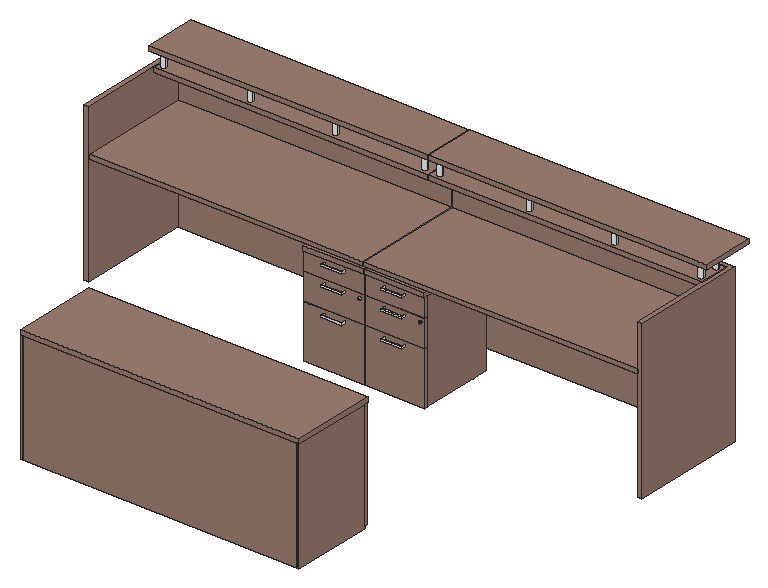
Revit family "T100010", category Furniture, Revit 2018
Family settings
  OmniClass Number = 23.40.20.00
  OmniClass Title = General Furniture and Specialties
  Work Plane-Based = No
  Always vertical = Yes
  Cut with Voids When Loaded = No
  Shared = No
  Room Calculation Point = No
Reference planes (in)
  plane 1 "Center Front/Back": y = 0
  plane 2: z = 0
  plane 3 "Center Left/Right": x = 0
Dimensions and locks (in)
  aligned and locked: level to plane 2
Nested families (in)
  nested 1: "OFS ELEMENT DOUBLE DESK 144in" at (0, 0, 0), type "ELEMENT DOUBLE DESK 144in"
    with Desk Overlay Option yes
  nested 2: "OFS ELEMENT 4 DOOR CREDENZA" at (0, -82.75, 0) x (-1, 0, 0) z (0, 0, 1), type "ELEMENT 4 DOOR CREDENZA 72in Width"
  nested 3: "OFS ELEMENT MOBILE PEDESTAL" at (-7.8125, 3, 0), type "ELEMENT MOBILE PEDESTAL"
  nested 4: "OFS ELEMENT MOBILE PEDESTAL" at (7.8125, 3, 0), type "ELEMENT MOBILE PEDESTAL"
Definition of nested family "OFS ELEMENT DOUBLE DESK 144in"
  Parameters (values of type "ELEMENT DOUBLE DESK 144in")
    Worksurface Material = none
    Width = 12' - 0"
    URL = "http://www.ofsbrands.com/"
    Transaction Shelf Material = none
    Table Supp from Lateral = 0' - 2 5/8"
    Table Supp from Center = 2' - 1"
    Table Depth = 1' - 1 1/2"
    Model = "EL-T72D"
    Manufacturer = "OFS"
    Lateral Board Thickness = 0' - 1 3/16"
    Height = 3' - 9"
    Standoffs Material = none
    Desk Overlay Thickness = 0' - 0 1/8"
    Desk Overlay Option [instance] = yes
    Desk Overlay Material = none
    Desk Overlay = 0' - 6 1/2"
    Description = "OFS BRANDS OFS ELEMENT DOUBLE DESK 144\" Width, 2 X 72\"W x 34.3125\"D DESK"
    Depth = 2' - 10 5/16"
    Copyright © = "© 2018 OFS BRANDS"
    Catalog = "http://ofs.com/products/casegoods/reception/element"
    Bottom Board Offset = 0' - 0"
    Chassis Material = none
    Base Depth = 2' - 6"
    Back Board Thickness = 0' - 1 3/16"
    Authoring Version = "Autodesk Revit Architecture 2013"
    Assembly Code = "E2020200"
  Reference planes (in)
    plane 1 "Center Front/Back": y = 0
    plane 2: z = 0
    plane 3 "Center Left/Right": x = 0
    plane 4 "Back External": y = 17.15625
    plane 5 "Right External": x = 72
    plane 6 "Front External": y = -17.15625
    plane 7 "Left External": x = -72
    plane 8 "Seat Height": z = 29.5
    plane 9 "Height": z = 45
    plane 10: x = 70.8125
    plane 11: x = -70.8125
    plane 12: y = 12.84375
    plane 13: y = 11.65625
    plane 14: y = 3.65625
    plane 15: z = 40.5
    plane 16: z = 28.5
    plane 17: z = 43.875
    plane 18: z = 39.375
    plane 19: z = 0
    plane 20: x = -69.375
    plane 21: x = -25
    plane 22: x = 69.375
    plane 23: x = 25
    plane 24: x = 65.5
    plane 25: x = -65.5
    plane 26: z = 6.5
    plane 27: z = 34
    plane 28: y = 12.96875
    plane 29: x = 0.5
    plane 30: x = -0.5
    plane 31: x = -1.9375
    plane 32: x = 1.9375
    plane 33: x = -47
    plane 34: x = 47
  Forms (in)
    Extrusion 1, solid, material <- "Worksurface Material"
      sketch origin (0, 0, 0) x (1, 0, 0) y (0, 1, 0)
        loop
          line (-70.8125, 11.65625) -> (-70.8125, -17.15625) -> (-0.03125, -17.15625) -> (-0.03125, 11.65625) -> (-70.8125, 11.65625)
        loop
          line (70.8125, -17.15625) -> (70.8125, 11.65625) -> (0.03125, 11.65625) -> (0.03125, -17.15625) -> (70.8125, -17.15625)
      from 28.5 to 29.5
    Extrusion 2, solid, material <- "Chassis Material"
      sketch origin (0, 0, 0) x (1, 0, 0) y (0, 1, 0)
        loop
          line (-72, -17.15625) -> (-70.8125, -17.15625) -> (-70.8125, 11.65625) -> (-0.03125, 11.65625) -> (-0.03125, 12.84375) -> (-72, 12.84375) -> (-72, -17.15625)
        loop
          line (72, 12.84375) -> (0.03125, 12.84375) -> (0.03125, 11.65625) -> (70.8125, 11.65625) -> (70.8125, -17.15625) -> (72, -17.15625) -> (72, 12.84375)
      from 0 to 40.5
    Extrusion 3, solid, material <- "Chassis Material"
      sketch origin (0, 0, 6) x (1, 0, 0) y (0, 1, 0)
        loop
          line (-70.8125, 11.65625) -> (-70.8125, 3.65625) -> (-0.03125, 3.65625) -> (-0.03125, 11.65625) -> (-70.8125, 11.65625)
        loop
          line (70.8125, 3.65625) -> (70.8125, 11.65625) -> (0.03125, 11.65625) -> (0.03125, 3.65625) -> (70.8125, 3.65625)
      from 33.375 to 34.5
    Extrusion 4, solid, material <- "Transaction Shelf Material"
      sketch origin (0, 0, 6) x (1, 0, 0) y (0, 1, 0)
        loop
          line (-72, 17.15625) -> (-72, 3.65625) -> (-0.03125, 3.65625) -> (-0.03125, 17.15625) -> (-72, 17.15625)
        loop
          line (72, 3.65625) -> (72, 17.15625) -> (0.03125, 17.15625) -> (0.03125, 3.65625) -> (72, 3.65625)
      from 37.875 to 39
    Extrusion 5, solid, material <- "Standoffs Material"
      sketch origin (0, 0, 0) x (1, 0, 0) y (0, 1, 0)
        loop
          circle (-69.375, 10.04085) r 0.625
      from 40.5 to 43.875
    Extrusion 6, solid, material <- "Standoffs Material"
      sketch origin (0, -4.75, 0) x (1, 0, 0) y (0, 1, 0)
        loop
          circle (-69.375, 10.04085) r 0.625
      from 40.5 to 43.875
    Extrusion 7, solid, material <- "Standoffs Material"
      sketch origin (22.25, 0, 0) x (1, 0, 0) y (0, 1, 0)
        loop
          circle (-47.25, 10.04085) r 0.625
      from 40.5 to 43.875
    Extrusion 8, solid, material <- "Standoffs Material"
      sketch origin (22.25, -4.75, 0) x (1, 0, 0) y (0, 1, 0)
        loop
          circle (-47.25, 10.04085) r 0.625
      from 40.5 to 43.875
    Extrusion 9, solid, material <- "Standoffs Material"
      sketch origin (44.5, 0, 0) x (1, 0, 0) y (0, 1, 0)
        loop
          circle (-19.5, 10.04085) r 0.625
      from 40.5 to 43.875
    Extrusion 10, solid, material <- "Standoffs Material"
      sketch origin (44.5, -4.75, 0) x (1, 0, 0) y (0, 1, 0)
        loop
          circle (-19.5, 10.04085) r 0.625
      from 40.5 to 43.875
    Extrusion 11, solid, material <- "Standoffs Material"
      sketch origin (66.75, 0, 0) x (1, 0, 0) y (0, 1, 0)
        loop
          circle (2.625, 10.04085) r 0.625
      from 40.5 to 43.875
    Extrusion 12, solid, material <- "Standoffs Material"
      sketch origin (66.75, -4.75, 0) x (1, 0, 0) y (0, 1, 0)
        loop
          circle (2.625, 10.04085) r 0.625
      from 40.5 to 43.875
    Extrusion 13, solid, material <- "Desk Overlay Material", visible <- "Desk Overlay Option"
      sketch origin (0, 0, 0) x (1, 0, 0) y (0, 0, 1)
        loop
          line (65.5, 34) -> (-65.5, 34) -> (-65.5, 6.5) -> (65.5, 6.5) -> (65.5, 34)
      from -12.96875 to -12.84375
    Extrusion 14, solid, material <- "Chassis Material"
      sketch origin (0, 0, 0) x (1, 0, 0) y (0, 1, 0)
        loop
          line (-0.5, 11.65625) -> (-0.5, 0) -> (0.5, 0) -> (0.5, 11.65625) -> (-0.5, 11.65625)
      from 0 to 28.5
    Extrusion 15, solid, material <- "Standoffs Material"
      sketch origin (-71.3125, 0, 0) x (-1, 0, 0) y (0, -1, 0)
        loop
          circle (-69.375, -10.04085) r 0.625
      from 40.5 to 43.875
    Extrusion 16, solid, material <- "Standoffs Material"
      sketch origin (-71.3125, -4.75, 0) x (-1, 0, 0) y (0, -1, 0)
        loop
          circle (-69.375, -10.04085) r 0.625
      from 40.5 to 43.875
    Extrusion 17, solid, material <- "Standoffs Material"
      sketch origin (71.3125, 0, 0) x (1, 0, 0) y (0, 1, 0)
        loop
          circle (-69.375, 10.04085) r 0.625
      from 40.5 to 43.875
    Extrusion 18, solid, material <- "Standoffs Material"
      sketch origin (71.3125, -4.75, 0) x (1, 0, 0) y (0, 1, 0)
        loop
          circle (-69.375, 10.04085) r 0.625
      from 40.5 to 43.875
    Extrusion 19, solid, material <- "Standoffs Material"
      sketch origin (-94.25, 0, 0) x (-1, 0, 0) y (0, -1, 0)
        loop
          circle (-47.25, -10.04085) r 0.625
      from 40.5 to 43.875
    Extrusion 20, solid, material <- "Standoffs Material"
      sketch origin (-94.25, -4.75, 0) x (-1, 0, 0) y (0, -1, 0)
        loop
          circle (-47.25, -10.04085) r 0.625
      from 40.5 to 43.875
    Extrusion 21, solid, material <- "Standoffs Material"
      sketch origin (94.25, 0, 0) x (1, 0, 0) y (0, 1, 0)
        loop
          circle (-47.25, 10.04085) r 0.625
      from 40.5 to 43.875
    Extrusion 22, solid, material <- "Standoffs Material"
      sketch origin (94.25, -4.75, 0) x (1, 0, 0) y (0, 1, 0)
        loop
          circle (-47.25, 10.04085) r 0.625
      from 40.5 to 43.875
  Dimensions and locks (in)
    equal spacing: plane 7 "Left External", plane 3 "Center Left/Right", plane 5 "Right External"
    "Width": plane 7 "Left External" to plane 5 "Right External"
    equal spacing: plane 6 "Front External", plane 1 "Center Front/Back", plane 4 "Back External"
    "Depth": plane 4 "Back External" to plane 6 "Front External"
    plane 8 "Seat Height" to level = 2' - 5 1/2"
    "Height": plane 9 "Height" to level
    "Lateral Board Thickness": plane 7 "Left External" to plane 11
    "Lateral Board Thickness": plane 10 to plane 5 "Right External"
    "Base Depth": plane 12 to plane 6 "Front External"
    "Back Board Thickness": plane 12 to plane 13
    "Table Depth": plane 4 "Back External" to plane 14
    plane 15 to level = 3' - 4 1/2"
    "Bottom Board Offset": plane 19 to level
    "Table Supp from Lateral": plane 7 "Left External" to plane 20
    "Table Supp from Center": plane 21 to plane 3 "Center Left/Right"
    "Table Supp from Lateral": plane 5 "Right External" to plane 22
    "Table Supp from Center": plane 23 to plane 3 "Center Left/Right"
    "Desk Overlay": plane 5 "Right External" to plane 24
    "Desk Overlay": plane 25 to plane 7 "Left External"
    plane 25 to plane 24 = 10' - 11"
    "Desk Overlay": plane 27 to plane 15
    "Desk Overlay": plane 19 to plane 26
    "Desk Overlay Thickness": plane 28 to plane 12
    aligned and locked: level to plane 2
    aligned and locked: Extrusion 1 sketch curve to plane 13
    aligned and locked: Extrusion 1 sketch curve to plane 11
    aligned and locked: Extrusion 1 sketch curve to plane 6 "Front External"
    aligned and locked: Extrusion 1 sketch curve to plane 10
    aligned and locked: plane 7 "Left External" to Extrusion 2 sketch curve
    aligned and locked: Extrusion 1 to Extrusion 2 sketch curve  (x2)
    aligned and locked: Extrusion 2 sketch curve to Extrusion 1  (x2)
    aligned and locked: Extrusion 2 sketch curve to plane 12
    aligned and locked: plane 5 "Right External" to Extrusion 2 sketch curve
    aligned and locked: Extrusion 2 sketch curve to plane 13
    aligned and locked: Extrusion 2 to plane 19
    aligned and locked: Extrusion 1 to plane 16
    aligned and locked: Extrusion 1 to plane 8 "Seat Height"
    aligned and locked: Extrusion 3 to plane 18
    aligned and locked: plane 11 to Extrusion 3
    aligned and locked: plane 10 to Extrusion 3
    aligned and locked: plane 13 to Extrusion 3
    aligned and locked: Extrusion 3 to plane 14
    aligned and locked: Extrusion 4 to plane 14
    aligned and locked: plane 4 "Back External" to Extrusion 4
    aligned and locked: Extrusion 4 to plane 9 "Height"
    aligned and locked: Extrusion 4 to plane 17
    aligned and locked: plane 5 "Right External" to Extrusion 4
    aligned and locked: Extrusion 4 to plane 7 "Left External"
    aligned and locked: Extrusion 13 sketch curve to plane 27
    aligned and locked: Extrusion 13 sketch curve to plane 24
    aligned and locked: Extrusion 13 sketch curve to plane 26
    aligned and locked: Extrusion 13 sketch curve to plane 25
    aligned and locked: Extrusion 13 to plane 12
    aligned and locked: Extrusion 13 to plane 28
    aligned and locked: Extrusion 14 sketch curve to plane 13
    aligned and locked: Extrusion 14 sketch curve to plane 30
    aligned and locked: Extrusion 14 sketch curve to plane 1 "Center Front/Back"
    aligned and locked: Extrusion 14 sketch curve to plane 29
  Automatic sketch dimensions
    Extrusion 1 sketch curve to plane 6 "Front External" = 0' - 0"
    Extrusion 1 sketch curve to plane 13 = 0' - 0"
    Extrusion 1 sketch curve to plane 3 "Center Left/Right" = 0' - 0 1/32"
    plane 3 "Center Left/Right" to Extrusion 1 sketch curve = 0' - 0 1/32"
    Extrusion 2 sketch curve to plane 12 = 0' - 0"
    Extrusion 2 sketch curve to plane 13 = 0' - 0"
    Extrusion 2 sketch curve to plane 3 "Center Left/Right" = 0' - 0 1/32"
    plane 3 "Center Left/Right" to Extrusion 2 sketch curve = 0' - 0 1/32"
    Extrusion 3 sketch curve to plane 11 = 0' - 0"
    Extrusion 3 sketch curve to plane 13 = 0' - 0"  (x2)
    Extrusion 3 sketch curve to plane 14 = 0' - 0"  (x2)
    Extrusion 3 sketch curve to plane 10 = 0' - 0"
    Extrusion 3 sketch curve to plane 3 "Center Left/Right" = 0' - 0 1/32"
    plane 3 "Center Left/Right" to Extrusion 3 sketch curve = 0' - 0 1/32"
    Extrusion 4 sketch curve to plane 4 "Back External" = 0' - 0"  (x2)
    Extrusion 4 sketch curve to plane 7 "Left External" = 0' - 0"
    Extrusion 4 sketch curve to plane 14 = 0' - 0"  (x2)
    Extrusion 4 sketch curve to plane 5 "Right External" = 0' - 0"
    Extrusion 4 sketch curve to plane 3 "Center Left/Right" = 0' - 0 1/32"
    plane 3 "Center Left/Right" to Extrusion 4 sketch curve = 0' - 0 1/32"
    Extrusion 5 sketch curve to plane 20 = 0' - 0"
    Extrusion 5 sketch curve to plane 13 = 0' - 1.6154"
    Extrusion 6 sketch curve to plane 20 = 0' - 0"
    plane 14 to Extrusion 6 sketch curve = 0' - 1.6346"
    Extrusion 7 sketch curve to plane 21 = 0' - 0"
    Extrusion 7 sketch curve to plane 13 = 0' - 1.6154"
    Extrusion 8 sketch curve to plane 21 = 0' - 0"
    plane 14 to Extrusion 8 sketch curve = 0' - 1.6346"
    Extrusion 9 sketch curve to plane 23 = 0' - 0"
    Extrusion 9 sketch curve to plane 13 = 0' - 1.6154"
    Extrusion 10 sketch curve to plane 23 = 0' - 0"
    plane 14 to Extrusion 10 sketch curve = 0' - 1.6346"
    Extrusion 11 sketch curve to plane 22 = 0' - 0"
    Extrusion 11 sketch curve to plane 13 = 0' - 1.6154"
    Extrusion 12 sketch curve to plane 22 = 0' - 0"
    plane 14 to Extrusion 12 sketch curve = 0' - 1.6346"
    Extrusion 15 sketch curve to plane 31 = 0' - 0"
    plane 13 to Extrusion 15 sketch curve = 0' - 1.6154"
    Extrusion 16 sketch curve to plane 31 = 0' - 0"
    Extrusion 16 sketch curve to plane 14 = 0' - 1.6346"
    Extrusion 17 sketch curve to plane 32 = 0' - 0"
    Extrusion 17 sketch curve to plane 13 = 0' - 1.6154"
    Extrusion 18 sketch curve to plane 32 = 0' - 0"
    plane 14 to Extrusion 18 sketch curve = 0' - 1.6346"
    Extrusion 19 sketch curve to plane 33 = 0' - 0"
    plane 13 to Extrusion 19 sketch curve = 0' - 1.6154"
    Extrusion 20 sketch curve to plane 33 = 0' - 0"
    Extrusion 20 sketch curve to plane 14 = 0' - 1.6346"
    Extrusion 21 sketch curve to plane 34 = 0' - 0"
    Extrusion 21 sketch curve to plane 13 = 0' - 1.6154"
    Extrusion 22 sketch curve to plane 34 = 0' - 0"
    plane 14 to Extrusion 22 sketch curve = 0' - 1.6346"
    radius of Extrusion 5 sketch curve = 0' - 0 5/8"
    radius of Extrusion 6 sketch curve = 0' - 0 5/8"
    radius of Extrusion 7 sketch curve = 0' - 0 5/8"
    radius of Extrusion 8 sketch curve = 0' - 0 5/8"
    radius of Extrusion 9 sketch curve = 0' - 0 5/8"
    radius of Extrusion 10 sketch curve = 0' - 0 5/8"
    radius of Extrusion 11 sketch curve = 0' - 0 5/8"
    radius of Extrusion 12 sketch curve = 0' - 0 5/8"
    radius of Extrusion 15 sketch curve = 0' - 0 5/8"
    radius of Extrusion 16 sketch curve = 0' - 0 5/8"
    radius of Extrusion 17 sketch curve = 0' - 0 5/8"
    radius of Extrusion 18 sketch curve = 0' - 0 5/8"
    radius of Extrusion 19 sketch curve = 0' - 0 5/8"
    radius of Extrusion 20 sketch curve = 0' - 0 5/8"
    radius of Extrusion 21 sketch curve = 0' - 0 5/8"
    radius of Extrusion 22 sketch curve = 0' - 0 5/8"
Definition of nested family "OFS ELEMENT 4 DOOR CREDENZA"
  Parameters (values of type "ELEMENT 4 DOOR CREDENZA 84in Width")
    Worksurface Material = none
    Width = 7' - 0"
    URL = "http://ofsbrands.com"
    Top Thickness = 0' - 1 1/4"
    Lateral Boads Thickness = 0' - 0 5/8"
    Frontboard Thickness = 0' - 0 3/4"
    Frontboard Space = 0' - 0 1/4"
    Drawer Handles Material = none
    Drawer Handle Width = 0' - 5 7/16"
    Drawer Handle Depth = 0' - 1"
    Door Gap = 0' - 0 1/8"
    Depth = 1' - 10"
    Model = "EL-8422DCR"
    Manufacturer = "OFS"
    Height = 2' - 6"
    Description = "OFS BRANDS OFS ELEMENT 4 DOOR CREDENZA, 84\" Width, Four Locking Doors, Two Adjustable Shelf"
    Copyright © = "© OFS BRANDS 2018"
    Chasis Material = none
    Catalog = "http://ofs.com/products/casegoods/reception/element"
    Bottomboard Thickness = 0' - 0 15/16"
    Bottom Board Offset = 0' - 0 9/16"
    Backboard Thickness = 0' - 0 15/16"
    Authoring Version = "Autodesk Revit Architecture 2013"
    Assembly Code = "E2020200"
  Types (3): name | Width | Model | Description
    (no name) | 7' - 0" | "EL-8422DCR" | "OFS BRANDS OFS ELEMENT 4 DOOR CREDENZA, 84\" Width, Four Locking Doors, Two Adjustable Shelf"
    ELEMENT 4 DOOR CREDENZA 72in Width | 6' - 0" | "EL-7222DCR" | "OFS BRANDS OFS ELEMENT 4 DOOR CREDENZA, 72\" Width, Four Locking Doors, Two Adjustable Shelf"
    ELEMENT 4 DOOR CREDENZA 84in Width | 7' - 0" | "EL-8422DCR" | "OFS BRANDS OFS ELEMENT 4 DOOR CREDENZA, 84\" Width, Four Locking Doors, Two Adjustable Shelf"
  Reference planes (in)
    plane 1 "Center Front/Back": y = 0
    plane 2: z = 0
    plane 3 "Center Left/Right": x = 0
    plane 4 "Left End": x = -42
    plane 5 "Front End": y = -22
    plane 6 "Right End": x = 42
    plane 7 "Height Top": z = 30
    plane 8: z = 0.5625
    plane 9: y = -0.9375
    plane 10: y = -21.75
    plane 11: x = 41.375
    plane 12: x = -41.375
    plane 13: y = -21
    plane 14: z = 1.5
    plane 15: z = 28.75
    plane 16: x = -0.0625
    plane 17: x = 0.0625
    plane 18: x = 21
    plane 19: x = -21
    plane 20: y = -22.75
    plane 21: y = -22.31418
    plane 22: y = -22.5
    plane 23: z = 27.75
    plane 24: z = 27.25
    plane 25: x = 20.9375
    plane 26: x = 21.0625
    plane 27: x = 31.5
    plane 28: x = 10.5
    plane 29: x = 28.78125
    plane 30: x = 34.21875
    plane 31: x = 29.03125
    plane 32: x = 33.96875
    plane 33: x = 7.78125
    plane 34: x = 13.21875
    plane 35: x = 8.03125
    plane 36: x = 12.96875
    plane 37: x = -21.0625
    plane 38: x = -20.9375
    plane 39: x = -10.5
    plane 40: x = -31.5
    plane 41: x = -13.21875
    plane 42: x = -7.78125
    plane 43: x = -12.96875
    plane 44: x = -8.03125
    plane 45: x = -34.21875
    plane 46: x = -28.78125
    plane 47: x = -33.96875
    plane 48: x = -29.03125
  Forms (in)
    Extrusion 1, solid, material <- "Chasis Material"
      sketch origin (0, 0, 0) x (1, 0, 0) y (0, 1, 0)
        loop
          line (-41.375, 0) -> (-41.375, -0.9375) -> (41.375, -0.9375) -> (41.375, 0) -> (-41.375, 0)
      from 0 to 28.75
    Extrusion 2, solid, material <- "Chasis Material"
      sketch origin (-3.125, -5.41266, 0) x (1, 0, 0) y (0, 1, 0)
        loop
          line (-38.875, 5.41266) -> (-38.875, -15.58734) -> (-38.25, -15.58734) -> (-38.25, 5.41266) -> (-38.875, 5.41266)
      from 0 to 28.75
    Extrusion 3, solid, material <- "Chasis Material"
      sketch origin (37.875, -5.41266, 0) x (1, 0, 0) y (0, 1, 0)
        loop
          line (3.5, 5.41266) -> (3.5, -15.58734) -> (4.125, -15.58734) -> (4.125, 5.41266) -> (3.5, 5.41266)
      from 0 to 28.75
    Extrusion 4, solid, material <- "Chasis Material"
      sketch origin (-5.10739, -10.02382, 0) x (1, 0, 0) y (0, 1, 0)
        loop
          line (-36.89261, -10.97618) -> (-36.89261, -11.72618) -> (-15.95511, -11.72618) -> (-15.95511, -10.97618) -> (-36.89261, -10.97618)
      from 0.5625 to 28.75
    Extrusion 5, solid, material <- "Chasis Material"
      sketch origin (14.89261, -10.02382, 0) x (1, 0, 0) y (0, 1, 0)
        loop
          line (6.16989, -10.97618) -> (6.16989, -11.72618) -> (27.10739, -11.72618) -> (27.10739, -10.97618) -> (6.16989, -10.97618)
      from 0.5625 to 28.75
    Extrusion 6, solid, material <- "Chasis Material"
      sketch origin (0, 0, 0) x (1, 0, 0) y (0, 1, 0)
        loop
          line (-41.375, -0.9375) -> (-41.375, -21) -> (41.375, -21) -> (41.375, -0.9375) -> (-41.375, -0.9375)
      from 0.5625 to 1.5
    Extrusion 7, solid, material <- "Worksurface Material"
      sketch origin (0, 0, 0) x (1, 0, 0) y (0, 1, 0)
        loop
          line (-42, 0) -> (-42, -22) -> (42, -22) -> (42, 0) -> (-42, 0)
      from 28.75 to 30
    Extrusion 8, solid, material <- "Drawer Handles Material"
      sketch origin (45, 0, 0) x (1, 0, 0) y (0, 1, 0)
        loop
          line (-16.21875, -21.75) -> (-16.21875, -22.75) -> (-10.78125, -22.75) -> (-10.78125, -21.75) -> (-11.03125, -21.75) -> (-11.03125, -22.5) -> (-15.96875, -22.5) -> (-15.96875, -21.75) -> (-16.21875, -21.75)
      from 27.25 to 27.75
    Extrusion 9, solid, material <- "Drawer Handles Material"
      sketch origin (27, 0, 0) x (1, 0, 0) y (0, 1, 0)
        loop
          line (-19.21875, -21.75) -> (-19.21875, -22.75) -> (-13.78125, -22.75) -> (-13.78125, -21.75) -> (-14.03125, -21.75) -> (-14.03125, -22.5) -> (-18.96875, -22.5) -> (-18.96875, -21.75) -> (-19.21875, -21.75)
      from 27.25 to 27.75
    Extrusion 10, solid, material <- "Drawer Handles Material"
      sketch origin (9, 0, 0) x (1, 0, 0) y (0, 1, 0)
        loop
          line (-22.21875, -21.75) -> (-22.21875, -22.75) -> (-16.78125, -22.75) -> (-16.78125, -21.75) -> (-17.03125, -21.75) -> (-17.03125, -22.5) -> (-21.96875, -22.5) -> (-21.96875, -21.75) -> (-22.21875, -21.75)
      from 27.25 to 27.75
    Extrusion 11, solid, material <- "Drawer Handles Material"
      sketch origin (-9, 0, 0) x (1, 0, 0) y (0, 1, 0)
        loop
          line (-25.21875, -21.75) -> (-25.21875, -22.75) -> (-19.78125, -22.75) -> (-19.78125, -21.75) -> (-20.03125, -21.75) -> (-20.03125, -22.5) -> (-24.96875, -22.5) -> (-24.96875, -21.75) -> (-25.21875, -21.75)
      from 27.25 to 27.75
    Extrusion 12, solid, material <- "Chasis Material"
      sketch origin (21.10739, -10.02382, 0) x (-1, 0, 0) y (0, -1, 0)
        loop
          line (0.16989, 10.97618) -> (21.04489, 10.97618) -> (21.04489, 11.72618) -> (0.16989, 11.72618) -> (0.16989, 10.97618)
      from 0.5625 to 28.75
    Extrusion 13, solid, material <- "Chasis Material"
      sketch origin (-21.10739, -10.02382, 0) x (1, 0, 0) y (0, 1, 0)
        loop
          line (0.16989, -10.97618) -> (0.16989, -11.72618) -> (21.04489, -11.72618) -> (21.04489, -10.97618) -> (0.16989, -10.97618)
      from 0.5625 to 28.75
    Blend 14, solid, material <- "Drawer Handles Material"
      base sketch origin (-30, 0, 0) x (1, 0, 0) y (0, 0, 1)
        loop
          circle (51.8743, 26.01563) r 0.31101
      top sketch origin (-30, 0, 0) x (1, 0, 0) y (0, 0, 1)
        loop
          circle (51.8743, 26.01563) r 0.25
      from 21.75 to 22
    Blend 15, solid, material <- "Drawer Handles Material"
      base sketch origin (-75, 0, 0) x (1, 0, 0) y (0, 0, 1)
        loop
          circle (54.8743, 26.01562) r 0.31101
      top sketch origin (-75, 0, 0) x (1, 0, 0) y (0, 0, 1)
        loop
          circle (54.8743, 26.01562) r 0.25
      from 21.75 to 22
  Dimensions and locks (in)
    "Height": plane 7 "Height Top" to level
    "Bottom Board Offset": plane 8 to level
    "Depth": plane 5 "Front End" to plane 1 "Center Front/Back"
    equal spacing: plane 4 "Left End", plane 3 "Center Left/Right", plane 6 "Right End"
    "Width": plane 4 "Left End" to plane 6 "Right End"
    "Backboard Thickness": plane 9 to plane 1 "Center Front/Back"
    "Frontboard Space": plane 10 to plane 5 "Front End"
    "Lateral Boads Thickness": plane 4 "Left End" to plane 12
    "Lateral Boads Thickness": plane 11 to plane 6 "Right End"
    "Frontboard Thickness": plane 13 to plane 10
    "Bottomboard Thickness": plane 14 to plane 8
    "Top Thickness": plane 7 "Height Top" to plane 15
    equal spacing: plane 16, plane 3 "Center Left/Right", plane 17
    "Door Gap": plane 16 to plane 17
    equal spacing: plane 3 "Center Left/Right", plane 18, plane 6 "Right End"
    equal spacing: plane 3 "Center Left/Right", plane 19, plane 4 "Left End"
    "Drawer Handle Depth": plane 10 to plane 20
    locked: plane 15 to plane 23 at 1
    locked: plane 23 to plane 24 at 0.5
    equal spacing: plane 25, plane 18, plane 26
    "Door Gap": plane 25 to plane 26
    equal spacing: plane 18, plane 27, plane 6 "Right End"
    equal spacing: plane 3 "Center Left/Right", plane 28, plane 18
    equal spacing: plane 29, plane 27, plane 30
    "Drawer Handle Width": plane 29 to plane 30
    locked: plane 29 to plane 31 at 0.25
    locked: plane 30 to plane 32 at 0.25
    equal spacing: plane 33, plane 28, plane 34
    "Drawer Handle Width": plane 33 to plane 34
    locked: plane 33 to plane 35 at 0.25
    locked: plane 34 to plane 36 at 0.25
    equal spacing: plane 37, plane 19, plane 38
    "Door Gap": plane 37 to plane 38
    equal spacing: plane 19, plane 39, plane 3 "Center Left/Right"
    equal spacing: plane 4 "Left End", plane 40, plane 19
    equal spacing: plane 41, plane 39, plane 42
    "Drawer Handle Width": plane 41 to plane 42
    locked: plane 41 to plane 43 at 0.25
    locked: plane 42 to plane 44 at 0.25
    equal spacing: plane 45, plane 40, plane 46
    "Drawer Handle Width": plane 45 to plane 46
    locked: plane 45 to plane 47 at 0.25
    locked: plane 46 to plane 48 at 0.25
    aligned and locked: level to plane 2
    aligned and locked: plane 1 "Center Front/Back" to Extrusion 1 sketch curve
    aligned and locked: Extrusion 1 sketch curve to plane 9
    aligned and locked: Extrusion 2 to plane 4 "Left End"
    aligned and locked: Extrusion 2 to plane 12
    aligned and locked: Extrusion 2 to plane 1 "Center Front/Back"
    aligned and locked: Extrusion 1 to plane 11
    aligned and locked: Extrusion 2 to plane 13
    aligned and locked: Extrusion 3 to plane 1 "Center Front/Back"
    aligned and locked: plane 13 to Extrusion 3
    aligned and locked: plane 11 to Extrusion 3
    aligned and locked: Extrusion 3 to plane 6 "Right End"
    aligned and locked: Extrusion 4 to plane 10
    aligned and locked: plane 13 to Extrusion 4
    aligned and locked: Extrusion 4 to plane 4 "Left End"
    aligned and locked: Extrusion 5 to plane 13
    aligned and locked: plane 10 to Extrusion 5
    aligned and locked: Extrusion 5 to plane 6 "Right End"
    aligned and locked: plane 15 to Extrusion 4
    aligned and locked: Extrusion 5 to plane 15
    aligned and locked: Extrusion 1 to plane 15
    aligned and locked: plane 15 to Extrusion 2
    aligned and locked: Extrusion 3 to plane 15
    aligned and locked: Extrusion 4 to plane 8
    aligned and locked: plane 8 to Extrusion 5
    aligned and locked: Extrusion 1 to level
    aligned and locked: Extrusion 3 to level
    aligned and locked: Extrusion 2 to level
    aligned and locked: Extrusion 6 sketch curve to plane 9
    aligned and locked: Extrusion 6 sketch curve to plane 12
    aligned and locked: plane 11 to Extrusion 6 sketch curve
    aligned and locked: Extrusion 6 sketch curve to plane 13
    aligned and locked: plane 4 "Left End" to Extrusion 7 sketch curve
    aligned and locked: plane 6 "Right End" to Extrusion 7 sketch curve
    aligned and locked: plane 1 "Center Front/Back" to Extrusion 7 sketch curve
    aligned and locked: Extrusion 7 sketch curve to plane 5 "Front End"
    aligned and locked: Extrusion 7 to plane 7 "Height Top"
    aligned and locked: Extrusion 7 to plane 15
    aligned and locked: Extrusion 6 to plane 8
    aligned and locked: Extrusion 6 to plane 14
    aligned and locked: Extrusion 8 sketch curve to plane 29
    aligned and locked: Extrusion 8 sketch curve to plane 30
    aligned and locked: plane 32 to Extrusion 8 sketch curve
    aligned and locked: Extrusion 9 sketch curve to plane 33
    aligned and locked: Extrusion 9 sketch curve to plane 34
    aligned and locked: plane 36 to Extrusion 9 sketch curve
    aligned and locked: Extrusion 10 sketch curve to plane 41
    aligned and locked: Extrusion 10 sketch curve to plane 42
    aligned and locked: plane 44 to Extrusion 10 sketch curve
    aligned and locked: Extrusion 11 sketch curve to plane 45
    aligned and locked: Extrusion 11 sketch curve to plane 46
    aligned and locked: plane 48 to Extrusion 11 sketch curve
    aligned and locked: Extrusion 4 to plane 37
    aligned and locked: Extrusion 5 to plane 26
    aligned and locked: Extrusion 12 to plane 25
    aligned and locked: Extrusion 12 to plane 17
    aligned and locked: Extrusion 13 to plane 16
    aligned and locked: Extrusion 13 to plane 38
  Automatic sketch dimensions
    Extrusion 1 sketch curve to plane 12 = 0' - 0"
    Extrusion 1 sketch curve to plane 11 = 0' - 0"
    Extrusion 2 sketch curve to plane 4 "Left End" = 0' - 0"
    Extrusion 2 sketch curve to plane 12 = 0' - 0"
    Extrusion 2 sketch curve to plane 13 = 0' - 0"
    plane 1 "Center Front/Back" to Extrusion 2 sketch curve = 0' - 0"
    Extrusion 3 sketch curve to plane 11 = 0' - 0"
    Extrusion 3 sketch curve to plane 6 "Right End" = 0' - 0"
    plane 13 to Extrusion 3 sketch curve = 0' - 0"
    plane 1 "Center Front/Back" to Extrusion 3 sketch curve = 0' - 0"
    Extrusion 4 sketch curve to plane 4 "Left End" = 0' - 0"
    Extrusion 4 sketch curve to plane 10 = 0' - 0"
    Extrusion 4 sketch curve to plane 37 = 0' - 0"
    Extrusion 4 sketch curve to plane 13 = 0' - 0"
    plane 10 to Extrusion 5 sketch curve = 0' - 0"
    Extrusion 5 sketch curve to plane 26 = 0' - 0"
    Extrusion 5 sketch curve to plane 6 "Right End" = 0' - 0"
    plane 13 to Extrusion 5 sketch curve = 0' - 0"
    plane 10 to Extrusion 8 sketch curve = 0' - 0"  (x2)
    Extrusion 8 sketch curve to plane 31 = 0' - 0"
    plane 20 to Extrusion 8 sketch curve = 0' - 0"
    plane 22 to Extrusion 8 sketch curve = 0' - 0"
    Extrusion 9 sketch curve to plane 10 = 0' - 0"  (x2)
    Extrusion 9 sketch curve to plane 35 = 0' - 0"
    Extrusion 9 sketch curve to plane 20 = 0' - 0"
    plane 22 to Extrusion 9 sketch curve = 0' - 0"
    Extrusion 10 sketch curve to plane 10 = 0' - 0"  (x2)
    Extrusion 10 sketch curve to plane 43 = 0' - 0"
    Extrusion 10 sketch curve to plane 20 = 0' - 0"
    Extrusion 10 sketch curve to plane 22 = 0' - 0"
    Extrusion 11 sketch curve to plane 10 = 0' - 0"  (x2)
    Extrusion 11 sketch curve to plane 47 = 0' - 0"
    Extrusion 11 sketch curve to plane 20 = 0' - 0"
    Extrusion 11 sketch curve to plane 22 = 0' - 0"
    plane 10 to Extrusion 12 sketch curve = 0' - 0"
    Extrusion 12 sketch curve to plane 25 = 0' - 0"
    Extrusion 12 sketch curve to plane 17 = 0' - 0"
    plane 13 to Extrusion 12 sketch curve = 0' - 0"
    Extrusion 13 sketch curve to plane 10 = 0' - 0"
    Extrusion 13 sketch curve to plane 38 = 0' - 0"
    Extrusion 13 sketch curve to plane 16 = 0' - 0"
    Extrusion 13 sketch curve to plane 13 = 0' - 0"
    plane 26 to Blend 14 sketch curve = 0' - 0.8118"  (x2)
    Blend 14 sketch curve to plane 24 = 0' - 1 15/64"  (x2)
    plane 38 to Blend 15 sketch curve = 0' - 0.8118"  (x2)
    Blend 15 sketch curve to plane 24 = 0' - 1 15/64"  (x2)
    radius of Blend 14 sketch curve = 0' - 0.31101"
    radius of Blend 14 sketch curve = 0' - 0 1/4"
    radius of Blend 15 sketch curve = 0' - 0.31101"
    radius of Blend 15 sketch curve = 0' - 0 1/4"
Definition of nested family "OFS ELEMENT MOBILE PEDESTAL"
  Parameters (values of type "ELEMENT MOBILE PEDESTAL")
    Worksurface Material = none
    Width = 1' - 3 5/8"
    URL = "http://ofsbrands.com"
    Top Thickness = 0' - 1 1/8"
    Lateral Boads Thickness = 0' - 0 5/8"
    Frontboard Thickness = 0' - 0 3/4"
    Frontboard Space = 0' - 0 1/4"
    Drawer Handles Material = none
    Drawer Handle Width = 0' - 5 7/16"
    Drawer Handle Depth = 0' - 1"
    Drawer 2 Height = 0' - 7"
    Drawer 1 Height = 1' - 2 3/4"
    Door Gap = 0' - 0 1/8"
    Depth = 1' - 8"
    Model = "EL-1620MP"
    Manufacturer = "OFS"
    Height = 2' - 3 11/16"
    Description = "OFS BRANDS OFS ELEMENT MOBILE PEDESTAL One Box Drawer"
    Copyright © = "© OFS BRANDS 2018"
    Chasis Material = none
    Catalog = "http://ofs.com/products/casegoods/reception/element"
    Casters Material = none
    Bottomboard Thickness = 0' - 0 15/16"
    Bottom Board Offset = 0' - 0 7/8"
    Backboard Thickness = 0' - 0 15/16"
    Authoring Version = "Autodesk Revit Architecture 2013"
    Assembly Code = "E2020200"
  Reference planes (in)
    plane 1 "Center Front/Back": y = 0
    plane 2: z = 0
    plane 3 "Center Left/Right": x = 0
    plane 4 "Left End": x = -7.8125
    plane 5 "Front End": y = -20
    plane 6 "Right End": x = 7.8125
    plane 7 "Height Top": z = 27.6875
    plane 8: z = 0.875
    plane 9: y = -0.9375
    plane 10: y = -19.75
    plane 11: x = 7.1875
    plane 12: x = -7.1875
    plane 13: y = -19
    plane 14: z = 1.8125
    plane 15: z = 26.5625
    plane 16: x = 0
    plane 17: x = -2.71875
    plane 18: x = 2.71875
    plane 19: y = -20.75
    plane 20: y = -22.31418
    plane 21: x = -2.46875
    plane 22: y = -20.5
    plane 23: x = 2.46875
    plane 24: z = 25.5625
    plane 25: z = 25.0625
    plane 26: z = 14.75
    plane 27: z = 14.625
    plane 28: z = 21.75
    plane 29: z = 21.625
    plane 30: z = 20.75
    plane 31: z = 20.25
    plane 32: z = 13.75
    plane 33: z = 13.25
    plane 34: z = 2.75
  Forms (in)
    Extrusion 1, solid, material <- "Chasis Material"
      sketch origin (-3.125, -5.41266, 0) x (1, 0, 0) y (0, 1, 0)
        loop
          line (-4.6875, 5.41266) -> (-4.6875, -13.58734) -> (-4.0625, -13.58734) -> (-4.0625, 5.41266) -> (-4.6875, 5.41266)
      from 0.875 to 26.5625
    Extrusion 2, solid, material <- "Chasis Material"
      sketch origin (37.875, -5.41266, 0) x (1, 0, 0) y (0, 1, 0)
        loop
          line (-30.6875, 5.41266) -> (-30.6875, -13.58734) -> (-30.0625, -13.58734) -> (-30.0625, 5.41266) -> (-30.6875, 5.41266)
      from 0.875 to 26.5625
    Extrusion 3, solid, material <- "Chasis Material"
      sketch origin (-5.10739, -10.02382, 0) x (1, 0, 0) y (0, 1, 0)
        loop
          line (-2.70511, -8.97618) -> (-2.70511, -9.72618) -> (12.91989, -9.72618) -> (12.91989, -8.97618) -> (-2.70511, -8.97618)
      from 0.875 to 14.625
    Extrusion 4, solid, material <- "Chasis Material"
      sketch origin (0, 0, 0) x (1, 0, 0) y (0, 1, 0)
        loop
          line (-7.1875, -0.9375) -> (-7.1875, -19) -> (7.1875, -19) -> (7.1875, -0.9375) -> (-7.1875, -0.9375)
      from 2.75 to 1.8125
    Extrusion 5, solid, material <- "Drawer Handles Material"
      sketch origin (7.8125, 0, 0) x (1, 0, 0) y (0, 1, 0)
        loop
          line (-10.53125, -19.75) -> (-10.53125, -20.75) -> (-5.09375, -20.75) -> (-5.09375, -19.75) -> (-5.34375, -19.75) -> (-5.34375, -20.5) -> (-10.28125, -20.5) -> (-10.28125, -19.75) -> (-10.53125, -19.75)
      from 25.0625 to 25.5625
    Extrusion 6, solid, material <- "Drawer Handles Material"
      sketch origin (7.8125, 0, -7.15625) x (1, 0, 0) y (0, 1, 0)
        loop
          line (-10.53125, -19.75) -> (-10.53125, -20.75) -> (-5.09375, -20.75) -> (-5.09375, -19.75) -> (-5.34375, -19.75) -> (-5.34375, -20.5) -> (-10.28125, -20.5) -> (-10.28125, -19.75) -> (-10.53125, -19.75)
      from 27.40625 to 27.90625
    Extrusion 7, solid, material <- "Drawer Handles Material"
      sketch origin (7.8125, 0, -14.3125) x (1, 0, 0) y (0, 1, 0)
        loop
          line (-10.53125, -19.75) -> (-10.53125, -20.75) -> (-5.09375, -20.75) -> (-5.09375, -19.75) -> (-5.34375, -19.75) -> (-5.34375, -20.5) -> (-10.28125, -20.5) -> (-10.28125, -19.75) -> (-10.53125, -19.75)
      from 27.5625 to 28.0625
    Extrusion 8, solid, material <- "Chasis Material"
      sketch origin (-18.01928, -10.02382, 13.32115) x (-1, 0, 0) y (0, -1, 0)
        loop
          line (-25.83178, 8.97618) -> (-10.20678, 8.97618) -> (-10.20678, 9.72618) -> (-25.83178, 9.72618) -> (-25.83178, 8.97618)
      from 8.42885 to 13.24135
    Extrusion 9, solid, material <- "Chasis Material"
      sketch origin (-20.85209, -10.02382, 6.64749) x (-1, 0, 0) y (0, -1, 0)
        loop
          line (-28.66459, 8.97618) -> (-13.03959, 8.97618) -> (-13.03959, 9.72618) -> (-28.66459, 9.72618) -> (-28.66459, 8.97618)
      from 8.10251 to 14.97751
    Extrusion 10, solid, material <- "Worksurface Material"
      sketch origin (0, 0, 0) x (1, 0, 0) y (0, 1, 0)
        loop
          line (-7.8125, 0) -> (-7.8125, -20) -> (7.8125, -20) -> (7.8125, 0) -> (-7.8125, 0)
      from 26.5625 to 27.6875
    Extrusion 11, solid, material <- "Chasis Material"
      sketch origin (0, 0, 0) x (1, 0, 0) y (0, 1, 0)
        loop
          line (-7.1875, 0) -> (-7.1875, -0.9375) -> (7.1875, -0.9375) -> (7.1875, 0) -> (-7.1875, 0)
      from 0.875 to 26.5625
    Blend 12, solid, material <- "Drawer Handles Material"
      base sketch origin (-45.22131, 2, -5.51333) x (1, 0, 0) y (0, 0, 1)
        loop
          circle (51.8743, 26.01563) r 0.31101
      top sketch origin (-45.22131, 2, -5.51333) x (1, 0, 0) y (0, 0, 1)
        loop
          circle (51.8743, 26.01563) r 0.25
      from 21.75 to 22
    Extrusion 13, solid, material <- "Casters Material"
      sketch origin (0, 13.08827, 0) x (0, 1, 0) y (0, 0, 1)
        loop
          circle (-15.68394, 0.875) r 0.875
      from 6.33656 to 6.83536
    Extrusion 14, solid, material <- "Casters Material"
      sketch origin (12.12805, 13.08827, 0) x (0, 1, 0) y (0, 0, -1)
        loop
          circle (-15.68394, -0.875) r 0.875
      from 6.33656 to 6.83536
    Extrusion 15, solid, material <- "Casters Material"
      sketch origin (0, -1.93467, 0) x (0, 1, 0) y (0, 0, 1)
        loop
          circle (-15.68394, 0.875) r 0.875
      from 6.33656 to 6.83536
    Extrusion 16, solid, material <- "Casters Material"
      sketch origin (12.12805, -1.93467, 0) x (0, 1, 0) y (0, 0, -1)
        loop
          circle (-15.68394, -0.875) r 0.875
      from 6.33656 to 6.83536
    Extrusion 17, solid, material <- "Casters Material"
      sketch origin (0, 13.08827, 0) x (0, 1, 0) y (0, 0, -1)
        loop
          circle (-15.68394, -0.875) r 0.875
      from 6.33656 to 6.83536
    Extrusion 18, solid, material <- "Casters Material"
      sketch origin (-12.12805, 13.08827, 0) x (0, 1, 0) y (0, 0, 1)
        loop
          circle (-15.68394, 0.875) r 0.875
      from 6.33656 to 6.83536
    Extrusion 19, solid, material <- "Casters Material"
      sketch origin (0, -1.93467, 0) x (0, 1, 0) y (0, 0, -1)
        loop
          circle (-15.68394, -0.875) r 0.875
      from 6.33656 to 6.83536
    Extrusion 20, solid, material <- "Casters Material"
      sketch origin (-12.12805, -1.93467, 0) x (0, 1, 0) y (0, 0, 1)
        loop
          circle (-15.68394, 0.875) r 0.875
      from 6.33656 to 6.83536
  Dimensions and locks (in)
    "Height": plane 7 "Height Top" to level
    "Bottom Board Offset": plane 8 to level
    "Depth": plane 5 "Front End" to plane 1 "Center Front/Back"
    equal spacing: plane 4 "Left End", plane 3 "Center Left/Right", plane 6 "Right End"
    "Width": plane 4 "Left End" to plane 6 "Right End"
    "Backboard Thickness": plane 9 to plane 1 "Center Front/Back"
    "Frontboard Space": plane 10 to plane 5 "Front End"
    "Lateral Boads Thickness": plane 4 "Left End" to plane 12
    "Lateral Boads Thickness": plane 11 to plane 6 "Right End"
    "Frontboard Thickness": plane 13 to plane 10
    "Bottomboard Thickness": plane 14 to plane 8
    "Top Thickness": plane 7 "Height Top" to plane 15
    equal spacing: plane 17, plane 16, plane 18
    "Drawer Handle Width": plane 17 to plane 18
    "Drawer Handle Depth": plane 10 to plane 19
    locked: plane 17 to plane 21 at 0.25
    locked: plane 22 to plane 19 at 0.25
    locked: plane 18 to plane 23 at 0.25
    locked: plane 15 to plane 24 at 1
    locked: plane 24 to plane 25 at 0.5
    "Drawer 1 Height": plane 26 to level
    "Door Gap": plane 26 to plane 27
    "Door Gap": plane 28 to plane 29
    locked: plane 28 to plane 30 at 1
    locked: plane 30 to plane 31 at 0.5
    locked: plane 26 to plane 32 at 1
    locked: plane 32 to plane 33 at 0.5
    "Drawer 2 Height": plane 28 to plane 26
    "Bottomboard Thickness": plane 34 to plane 14
    aligned and locked: level to plane 2
    aligned and locked: Extrusion 1 to plane 4 "Left End"
    aligned and locked: Extrusion 1 to plane 12
    aligned and locked: Extrusion 1 to plane 1 "Center Front/Back"
    aligned and locked: Extrusion 1 to plane 13
    aligned and locked: Extrusion 2 to plane 1 "Center Front/Back"
    aligned and locked: Extrusion 2 to plane 13
    aligned and locked: plane 11 to Extrusion 2
    aligned and locked: Extrusion 2 to plane 6 "Right End"
    aligned and locked: Extrusion 3 to plane 10
    aligned and locked: plane 13 to Extrusion 3
    aligned and locked: Extrusion 3 to plane 4 "Left End"
    aligned and locked: Extrusion 1 to plane 15
    aligned and locked: Extrusion 2 to plane 15
    aligned and locked: Extrusion 3 to plane 8
    aligned and locked: Extrusion 4 sketch curve to plane 9
    aligned and locked: Extrusion 4 sketch curve to plane 12
    aligned and locked: plane 11 to Extrusion 4 sketch curve
    aligned and locked: plane 13 to Extrusion 4 sketch curve
    aligned and locked: plane 14 to Extrusion 4
    aligned and locked: Extrusion 5 sketch curve to plane 17
    aligned and locked: Extrusion 5 sketch curve to plane 10  (x2)
    aligned and locked: Extrusion 5 sketch curve to plane 22
    aligned and locked: Extrusion 5 sketch curve to plane 18
    aligned and locked: plane 23 to Extrusion 5 sketch curve
    aligned and locked: plane 24 to Extrusion 5
    aligned and locked: Extrusion 5 to plane 25
    aligned and locked: plane 30 to Extrusion 6
    aligned and locked: Extrusion 6 to plane 31
    aligned and locked: plane 32 to Extrusion 7
    aligned and locked: Extrusion 7 to plane 33
    aligned and locked: plane 27 to Extrusion 3
    aligned and locked: Extrusion 8 to plane 28
    aligned and locked: plane 29 to Extrusion 9
    aligned and locked: Extrusion 9 to plane 26
    aligned and locked: Extrusion 8 to plane 15
    aligned and locked: Extrusion 8 to plane 6 "Right End"
    aligned and locked: Extrusion 9 to plane 6 "Right End"
    aligned and locked: Extrusion 3 to plane 6 "Right End"
    aligned and locked: plane 16 to plane 3 "Center Left/Right"
    aligned and locked: plane 5 "Front End" to Extrusion 10 sketch curve
    aligned and locked: plane 1 "Center Front/Back" to Extrusion 10 sketch curve
    aligned and locked: plane 6 "Right End" to Extrusion 10 sketch curve
    aligned and locked: plane 4 "Left End" to Extrusion 10 sketch curve
    aligned and locked: plane 15 to Extrusion 10
    aligned and locked: plane 7 "Height Top" to Extrusion 10
    aligned and locked: Extrusion 1 to plane 8
    aligned and locked: Extrusion 2 to plane 8
    aligned and locked: plane 1 "Center Front/Back" to Extrusion 11 sketch curve
    aligned and locked: plane 9 to Extrusion 11 sketch curve
    aligned and locked: Extrusion 11 sketch curve to plane 12
    aligned and locked: plane 11 to Extrusion 11 sketch curve
    aligned and locked: Extrusion 11 to plane 8
    aligned and locked: Extrusion 11 to plane 15
    aligned and locked: plane 34 to Extrusion 4
  Automatic sketch dimensions
    Extrusion 1 sketch curve to plane 4 "Left End" = 0' - 0"
    Extrusion 1 sketch curve to plane 12 = 0' - 0"
    Extrusion 1 sketch curve to plane 13 = 0' - 0"
    plane 1 "Center Front/Back" to Extrusion 1 sketch curve = 0' - 0"
    Extrusion 2 sketch curve to plane 11 = 0' - 0"
    Extrusion 2 sketch curve to plane 6 "Right End" = 0' - 0"
    Extrusion 2 sketch curve to plane 13 = 0' - 0"
    plane 1 "Center Front/Back" to Extrusion 2 sketch curve = 0' - 0"
    Extrusion 3 sketch curve to plane 4 "Left End" = 0' - 0"
    Extrusion 3 sketch curve to plane 6 "Right End" = 0' - 0"
    Extrusion 3 sketch curve to plane 10 = 0' - 0"
    Extrusion 3 sketch curve to plane 13 = 0' - 0"
    Extrusion 5 sketch curve to plane 21 = 0' - 0"
    Extrusion 5 sketch curve to plane 19 = 0' - 0"
    Extrusion 6 sketch curve to plane 10 = 0' - 0"  (x2)
    Extrusion 6 sketch curve to plane 17 = 0' - 0"
    Extrusion 6 sketch curve to plane 21 = 0' - 0"
    Extrusion 6 sketch curve to plane 23 = 0' - 0"
    Extrusion 6 sketch curve to plane 18 = 0' - 0"
    Extrusion 6 sketch curve to plane 19 = 0' - 0"
    plane 22 to Extrusion 6 sketch curve = 0' - 0"
    Extrusion 7 sketch curve to plane 10 = 0' - 0"  (x2)
    Extrusion 7 sketch curve to plane 17 = 0' - 0"
    Extrusion 7 sketch curve to plane 21 = 0' - 0"
    Extrusion 7 sketch curve to plane 23 = 0' - 0"
    Extrusion 7 sketch curve to plane 18 = 0' - 0"
    Extrusion 7 sketch curve to plane 19 = 0' - 0"
    plane 22 to Extrusion 7 sketch curve = 0' - 0"
    Extrusion 8 sketch curve to plane 6 "Right End" = 0' - 0"
    Extrusion 8 sketch curve to plane 4 "Left End" = 0' - 0"
    Extrusion 8 sketch curve to plane 13 = 0' - 0"
    Extrusion 8 sketch curve to plane 10 = 0' - 0"
    Extrusion 9 sketch curve to plane 6 "Right End" = 0' - 0"
    Extrusion 9 sketch curve to plane 4 "Left End" = 0' - 0"
    Extrusion 9 sketch curve to plane 13 = 0' - 0"
    Extrusion 9 sketch curve to plane 10 = 0' - 0"
    Blend 12 sketch curve to plane 30 = 0' - 0.24771"  (x2)
    plane 11 to Blend 12 sketch curve = 0' - 0.53451"  (x2)
    Extrusion 13 sketch curve to plane 8 = 0' - 0"
    Extrusion 13 sketch curve to plane 9 = 0' - 1.65816"
    Extrusion 14 sketch curve to plane 8 = 0' - 0"
    Extrusion 14 sketch curve to plane 9 = 0' - 1.65816"
    Extrusion 15 sketch curve to plane 8 = 0' - 0"
    plane 13 to Extrusion 15 sketch curve = 0' - 1.38139"
    Extrusion 16 sketch curve to plane 8 = 0' - 0"
    plane 13 to Extrusion 16 sketch curve = 0' - 1.38139"
    Extrusion 17 sketch curve to plane 8 = 0' - 0"
    Extrusion 17 sketch curve to plane 9 = 0' - 1.65816"
    Extrusion 18 sketch curve to plane 8 = 0' - 0"
    Extrusion 18 sketch curve to plane 9 = 0' - 1.65816"
    Extrusion 19 sketch curve to plane 8 = 0' - 0"
    plane 13 to Extrusion 19 sketch curve = 0' - 1.38139"
    Extrusion 20 sketch curve to plane 8 = 0' - 0"
    plane 13 to Extrusion 20 sketch curve = 0' - 1.38139"
    radius of Blend 12 sketch curve = 0' - 0.31101"
    radius of Blend 12 sketch curve = 0' - 0 1/4"
    radius of Extrusion 13 sketch curve = 0' - 0 7/8"
    radius of Extrusion 14 sketch curve = 0' - 0 7/8"
    radius of Extrusion 15 sketch curve = 0' - 0 7/8"
    radius of Extrusion 16 sketch curve = 0' - 0 7/8"
    radius of Extrusion 17 sketch curve = 0' - 0 7/8"
    radius of Extrusion 18 sketch curve = 0' - 0 7/8"
    radius of Extrusion 19 sketch curve = 0' - 0 7/8"
    radius of Extrusion 20 sketch curve = 0' - 0 7/8"
